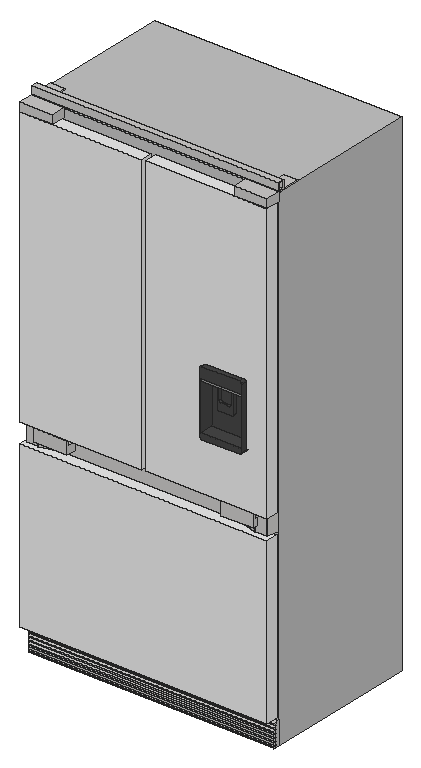
Revit family "FP_Revit_18_RS36A72U1_Fridge_90001166A", category Specialty Equipment, Revit 2018 (continued)
Definition of nested family "F&P Handle Kit - Contemporary Round - Horizontal"
  Automatic sketch dimensions
    Extrusion 7 sketch curve to level = 0 mm
    level to Extrusion 7 sketch curve = 8.7 mm
    plane 1 "Center (Front/Back)" to Extrusion 7 sketch curve = 32.3 mm
    Extrusion 7 sketch curve to Extrusion 7 sketch curve = 32.3 mm
    radius of Extrusion 1 sketch curve = 8.7 mm
Definition of nested family "F&P Handle Kit - Contemporary Round - Vertical"
  Parameters (values of type "25374 AHS-ASBI-A - Contemporary round handle (1 of 2) (Vertical) 727mm")
    URL = "www.fisherpaykel.com"
    Material - Handle = none
    Manufacturer = "Fisher & Paykel Appliances"
    Handle - Length = 727 mm
    Description = "Kit for RS36"
  Types (10, lengths in mm): name | Handle - Length | Description
    AHS-RD21 - Contemporary round handle (Vertical) 852mm | 852 | ""
    AHSRD2484W - Contemporary round handle (1 of 2) (Vertical) 727mm | 727 | ""
    AHSRD3084W - Contemporary round handle (1 of 2) (Vertical) 727mm | 727 | ""
    AHS-RD84 - Contemporary round handle (Vertical) 852mm | 852 | ""
    AHSRS3272A - Contemporary round handle (1 of 2) (Vertical) 727mm | 727 | ""
    AHSRS80A - Contemporary round handle (1 of 2) (Vertical) 727mm | 727 | ""
    AHSRD6121W - Contemporary round handle (1 of 2) (Vertical) 727mm | 727 | ""
    AHSRD7621W - Contemporary round handle (1 of 2) (Vertical) 727mm | 727 | ""
    25329 AHS-ASBI-A - Contemporary round handle (1 of 2) (Vertical) 727mm | 727 | "Kit for RS90"
    25374 AHS-ASBI-A - Contemporary round handle (1 of 2) (Vertical) 727mm | 727 | "Kit for RS36"
  Reference planes
    plane 1 "Center (Front/Back)": y = 0
    plane 2: z = 0
    plane 3 "Center (Left/Right)": x = 0
    plane 4 "Top": z = 363.5
    plane 5 "Bottom": z = -363.5
    plane 6 "Top Standoff": z = 243.5
    plane 7 "Bottom Standoff": z = -243.5
  Forms (mm)
    Extrusion 1, solid, material <- "Material - Handle"
      sketch origin (0, 0, 0) x (1, 0, 0) y (0, 1, 0)
        loop
          circle (0, -32.3) r 8.7
      from -243.5 to 243.5
    Extrusion 2, solid, material <- "Material - Handle", detail levels fine
      sketch origin (0, 0, 0) x (1, 0, 0) y (0, 1, 0)
        loop
          line (-8.7, 0) -> (-8.7, -32.3)
          arc (-8.7, -32.3) -> (0, -41) -> (8.7, -32.3) r 8.7
          line (8.7, -32.3) -> (8.7, 0) -> (-8.7, 0)
      from 243.5 to 363.5
    Extrusion 3, solid, material <- "Material - Handle", detail levels fine
      sketch origin (0, 0, 0) x (1, 0, 0) y (0, 1, 0)
        loop
          line (-8.7, 0) -> (-8.7, -32.3)
          arc (-8.7, -32.3) -> (0, -41) -> (8.7, -32.3) r 8.7
          line (8.7, -32.3) -> (8.7, 0) -> (-8.7, 0)
      from -363.5 to -243.5
    Sweep 4, void
      path in 3D
        loop
          line (8.7, 0, -363.5) -> (8.7, -32.3, -363.5)
          arc (8.7, -32.3, -363.5) -> (0, -41, -363.5) -> (-8.7, -32.3, -363.5) r 8.7
          line (-8.7, -32.3, -363.5) -> (-8.7, 0, -363.5)
      profile origin (8.7, -16.15, -363.5) x (-1, 0, 0) y (0, 0, -1)
        loop
          line (0, 0) -> (0, -1) -> (1, 0) -> (0, 0)
    Sweep 5, void
      path in 3D
        loop
          line (-8.7, 0, 363.5) -> (-8.7, -32.3, 363.5)
          arc (-8.7, -32.3, 363.5) -> (0, -41, 363.5) -> (8.7, -32.3, 363.5) r 8.7
          line (8.7, -32.3, 363.5) -> (8.7, 0, 363.5)
      profile origin (8.7, -16.15, 363.5) x (-1, 0, 0) y (0, 0, 1)
        loop
          line (0, 0) -> (0, -1) -> (1, 0) -> (0, 0)
    Extrusion 6, solid, material <- "Material - Handle", detail levels coarse+medium
      sketch origin (0, 0, 0) x (1, 0, 0) y (0, 1, 0)
        loop
          line (-8.7, 0) -> (-8.7, -32.3)
          arc (-8.7, -32.3) -> (0, -41) -> (8.7, -32.3) r 8.7
          line (8.7, -32.3) -> (8.7, 0) -> (-8.7, 0)
      from 243.5 to 363.5
    Extrusion 7, solid, material <- "Material - Handle", detail levels coarse+medium
      sketch origin (0, 0, 0) x (1, 0, 0) y (0, 1, 0)
        loop
          line (-8.7, 0) -> (-8.7, -32.3)
          arc (-8.7, -32.3) -> (0, -41) -> (8.7, -32.3) r 8.7
          line (8.7, -32.3) -> (8.7, 0) -> (-8.7, 0)
      from -363.5 to -243.5
  Cuts and joins
    Sweep 4 cuts Extrusion 3
    Sweep 5 cuts Extrusion 2
  Lines and regions (mm)
    sketch lines
      curve 1: line (8.7, 0, -363.5) -> (8.7, -32.3, -363.5)
      curve 2: arc (-8.7, -32.3, -363.5) -> (0, -41, -363.5) -> (8.7, -32.3, -363.5) r 8.7
      curve 3: line (-8.7, -32.3, -363.5) -> (-8.7, 0, -363.5)
      curve 4: line (8.7, -32.3, 363.5) -> (8.7, 0, 363.5)
      curve 5: arc (8.7, -32.3, 363.5) -> (0, -41, 363.5) -> (-8.7, -32.3, 363.5) r 8.7
      curve 6: line (-8.7, 0, 363.5) -> (-8.7, -32.3, 363.5)
  Dimensions and locks
    equal spacing: plane 4 "Top", level, plane 5 "Bottom"
    "Handle - Length": plane 4 "Top" to plane 5 "Bottom"
    locked: plane 4 "Top" to plane 6 "Top Standoff" at 120
    locked: plane 7 "Bottom Standoff" to plane 5 "Bottom" at 120
    Extrusion 2 sketch curve to Extrusion 2 sketch curve = 17.4 mm
    Extrusion 3 sketch curve to Extrusion 3 sketch curve = 17.4 mm
    Extrusion 6 sketch curve to Extrusion 6 sketch curve = 17.4 mm
    Extrusion 7 sketch curve to Extrusion 7 sketch curve = 17.4 mm
    aligned and locked: level to plane 2
    aligned and locked: plane 4 "Top" to Extrusion 2
    aligned and locked: Extrusion 3 to plane 5 "Bottom"
    aligned and locked: plane 7 "Bottom Standoff" to Extrusion 3
    aligned and locked: Extrusion 1 to plane 7 "Bottom Standoff"
    aligned and locked: plane 6 "Top Standoff" to Extrusion 1
    aligned and locked: Extrusion 2 to Extrusion 1
    aligned and locked: Extrusion 6 to Extrusion 1
    aligned and locked: plane 4 "Top" to Extrusion 6
    aligned and locked: Extrusion 7 to Extrusion 1
    aligned and locked: Extrusion 7 to plane 5 "Bottom"
  Automatic sketch dimensions
    Extrusion 1 sketch curve to plane 3 "Center (Left/Right)" = 0 mm
    plane 1 "Center (Front/Back)" to Extrusion 1 sketch curve = 32.3 mm
    plane 1 "Center (Front/Back)" to Extrusion 2 sketch curve = 0 mm
    Extrusion 2 sketch curve to plane 3 "Center (Left/Right)" = 0 mm
    Extrusion 2 sketch curve to plane 3 "Center (Left/Right)" = 8.7 mm
    plane 1 "Center (Front/Back)" to Extrusion 2 sketch curve = 32.3 mm
    plane 1 "Center (Front/Back)" to Extrusion 3 sketch curve = 0 mm
    Extrusion 3 sketch curve to plane 3 "Center (Left/Right)" = 0 mm
    Extrusion 3 sketch curve to plane 3 "Center (Left/Right)" = 8.7 mm
    plane 1 "Center (Front/Back)" to Extrusion 3 sketch curve = 32.3 mm
    Sweep 4 sketch curve to profile plane = 0 mm  (x2)
    Sweep 4 sketch curve to profile plane = 1 mm  (x2)
    Sweep 5 sketch curve to profile plane = 0 mm  (x2)
    Sweep 5 sketch curve to profile plane = 1 mm  (x2)
    Extrusion 6 sketch curve to plane 3 "Center (Left/Right)" = 0 mm
    Extrusion 6 sketch curve to plane 3 "Center (Left/Right)" = 8.7 mm
    plane 1 "Center (Front/Back)" to Extrusion 6 sketch curve = 32.3 mm
    Extrusion 6 sketch curve to Extrusion 6 sketch curve = 32.3 mm
    Extrusion 7 sketch curve to plane 3 "Center (Left/Right)" = 0 mm
    Extrusion 7 sketch curve to plane 3 "Center (Left/Right)" = 8.7 mm
    plane 1 "Center (Front/Back)" to Extrusion 7 sketch curve = 32.3 mm
    Extrusion 7 sketch curve to Extrusion 7 sketch curve = 32.3 mm
    radius of Extrusion 1 sketch curve = 8.7 mm
Definition of nested family "F&P Handle Kit - Contemporary Square Fine - Horizontal"
  Parameters (values of type "AHD5RD2484W - Contemporary square fine handle (2 of 2) (Horizontal) 494mm")
    URL = "www.fisherpaykel.com"
    Material - Handle = none
    Manufacturer = "Fisher & Paykel Appliances"
    Handle - Length = 494 mm
  Types (15, lengths in mm): name | Handle - Length
    (no name) | 494
    AHD5RD2484W - Contemporary square fine handle (2 of 2) (Horizontal) 494mm | 494
    AHD5RD2484WB - Contemporary square fine black handle (2 of 2) (Horizontal) 494mm | 494
    AHD5RD3084W - Contemporary square fine handle (2 of 2) (Horizontal) 646mm | 646
    AHD5RD3084WB - Contemporary square fine black handle (2 of 2) (Horizontal) 646mm | 646
    AHD5RD7621W - Contemporary square fine handle (2 of 2) (Horizontal) 646mm | 646
    AHD5RD7621WB - Contemporary square fine handle black (2 of 2) (Horizontal) 646mm | 646
    AHD5RD6121W - Contemporary square fine handle (2 of 2) (Horizontal) 494mm | 494
    AHD5RD6121WB - Contemporary square fine handle black (2 of 2) (Horizontal) 494mm | 494
    AHD5RD36A - Contemporary square fine handle (2 of 2) (Horizontal) 746mm | 746
    AHD5RD36AB - Contemporary square fine black handle (2 of 2) (Horizontal) 746mm | 746
    AHD5RD90A - Contemporary square fine handle (2 of 2) (Horizontal) 746mm | 746
    AHD5RD80A - Contemporary square fine handle (2 of 2) (Horizontal) 646mm | 646
    AHD5RD80AB - Contemporary square fine black handle (2 of 2) (Horizontal) 646mm | 646
    AHD5RD90AB - Contemporary square fine black handle (2 of 2) (Horizontal) 746mm | 746
  Reference planes
    plane 1 "Center (Front/Back)": y = 0
    plane 2: z = 0
    plane 3 "Center (Left/Right)": x = 0
    plane 4 "Product LHS": x = -247
    plane 5 "Product RHS": x = 247
    plane 6 "LHS Standoff": x = -126.995
    plane 7 "RHS Standoff": x = 127.005
  Forms (mm)
    Extrusion 1, solid, material <- "Material - Handle", detail levels fine
      sketch origin (0, 0, 0) x (0, 1, 0) y (0, 0, 1)
        loop
          arc (-26.813, 6.16) -> (-27.196, 6.554) -> (-27.728, 6.686) r 1
          line (-27.728, 6.686) -> (-40.035, 6.256)
          arc (-40.035, 6.256) -> (-40.719, 5.951) -> (-41, 5.257) r 1
          line (-41, 5.257) -> (-41, -5.257)
          arc (-41, -5.257) -> (-40.719, -5.951) -> (-40.035, -6.256) r 1
          line (-40.035, -6.256) -> (-27.709, -6.686)
          arc (-27.709, -6.686) -> (-27.175, -6.554) -> (-26.792, -6.158) r 1
          arc (-26.792, -6.158) -> (-25.256, 0.004) -> (-26.813, 6.16) r 13.038
      from -247 to 247
    Extrusion 2, solid, material <- "Material - Handle", detail levels fine
      sketch origin (0, 0, 0) x (0, 1, 0) y (0, 0, 1)
        loop
          arc (-26.626, -6.008) -> (-26.614, -6.49) -> (-26.2, -6.737) r 0.5
          line (-26.2, -6.737) -> (0, -7.696) -> (0, 7.704) -> (-26.174, 6.747)
          arc (-26.174, 6.747) -> (-26.587, 6.5) -> (-26.6, 6.019) r 0.5
          arc (-26.6, 6.019) -> (-25.156, 0.002) -> (-26.626, -6.008) r 13.136
      from 127.005 to 247
    Extrusion 3, solid, material <- "Material - Handle", detail levels coarse+medium
      sketch origin (0, 0, 0) x (1, 0, 0) y (0, 1, 0)
        loop
          line (-247, -42) -> (247, -42) -> (247, 0) -> (127.005, 0) -> (127.005, -26.156) -> (-126.995, -26.156) -> (-126.995, 0) -> (-247, 0) -> (-247, -42)
      from -8.022 to 7.978
    Extrusion 4, solid, material <- "Material - Handle", detail levels fine
      sketch origin (0, 0, 0) x (0, 1, 0) y (0, 0, 1)
        loop
          arc (-26.626, -6.008) -> (-26.614, -6.49) -> (-26.2, -6.737) r 0.5
          line (-26.2, -6.737) -> (0, -7.696) -> (0, 7.704) -> (-26.174, 6.747)
          arc (-26.174, 6.747) -> (-26.587, 6.5) -> (-26.6, 6.019) r 0.5
          arc (-26.6, 6.019) -> (-25.156, 0.002) -> (-26.626, -6.008) r 13.136
      from -247 to -126.995
  Dimensions and locks
    equal spacing: plane 4 "Product LHS", plane 3 "Center (Left/Right)", plane 5 "Product RHS"
    "Handle - Length": plane 4 "Product LHS" to plane 5 "Product RHS"
    locked: plane 4 "Product LHS" to plane 6 "LHS Standoff" at 120.005
    locked: plane 7 "RHS Standoff" to plane 5 "Product RHS" at 119.995
    aligned and locked: level to plane 2
    aligned and locked: Extrusion 1 to plane 5 "Product RHS"
    aligned and locked: plane 4 "Product LHS" to Extrusion 1
    aligned and locked: Extrusion 2 to plane 5 "Product RHS"
    aligned and locked: plane 4 "Product LHS" to Extrusion 3 sketch curve
    aligned and locked: Extrusion 3 sketch curve to plane 5 "Product RHS"
    aligned and locked: Extrusion 3 sketch curve to plane 7 "RHS Standoff"
    aligned and locked: plane 6 "LHS Standoff" to Extrusion 3 sketch curve
    aligned and locked: plane 4 "Product LHS" to Extrusion 4
    aligned and locked: plane 6 "LHS Standoff" to Extrusion 4
    aligned and locked: Extrusion 2 to plane 7 "RHS Standoff"
  Automatic sketch dimensions
    Extrusion 1 sketch curve to level = 5.257 mm
    plane 1 "Center (Front/Back)" to Extrusion 1 sketch curve = 41 mm
    level to Extrusion 1 sketch curve = 6.256 mm
    Extrusion 1 sketch curve to Extrusion 1 sketch curve = 0.965 mm  (x2)
    Extrusion 1 sketch curve to level = 6.256 mm
    Extrusion 1 sketch curve to Extrusion 1 sketch curve = 0.035 mm  (x3)
    Extrusion 1 sketch curve to level = 0.018 mm
    Extrusion 1 sketch curve to Extrusion 1 sketch curve = 1.706 mm
    level to Extrusion 1 sketch curve = 6.686 mm
    Extrusion 1 sketch curve to Extrusion 1 sketch curve = 12.307 mm
    Extrusion 1 sketch curve to level = 6.686 mm
    Extrusion 1 sketch curve to Extrusion 1 sketch curve = 12.326 mm
    Extrusion 1 sketch curve to Extrusion 1 sketch curve = 0.999 mm  (x2)
    Extrusion 1 sketch curve to Extrusion 1 sketch curve = 0 mm
    Extrusion 2 sketch curve to plane 1 "Center (Front/Back)" = 0 mm
    level to Extrusion 2 sketch curve = 6.247 mm
    plane 1 "Center (Front/Back)" to Extrusion 2 sketch curve = 26.155 mm
    level to Extrusion 2 sketch curve = 6.747 mm
    Extrusion 2 sketch curve to Extrusion 2 sketch curve = 0.018 mm  (x2)
    Extrusion 2 sketch curve to level = 6.238 mm
    Extrusion 2 sketch curve to Extrusion 2 sketch curve = 0.026 mm
    Extrusion 2 sketch curve to level = 6.737 mm
    level to Extrusion 2 sketch curve = 0.03 mm
    Extrusion 2 sketch curve to Extrusion 2 sketch curve = 12.11 mm
    Extrusion 2 sketch curve to level = 7.696 mm
    level to Extrusion 2 sketch curve = 7.704 mm
    Extrusion 2 sketch curve to Extrusion 2 sketch curve = 0 mm
    plane 1 "Center (Front/Back)" to Extrusion 3 sketch curve = 42 mm
    Extrusion 3 sketch curve to Extrusion 3 sketch curve = 15.844 mm
    Extrusion 3 sketch curve to Extrusion 3 sketch curve = 26.156 mm  (x2)
    level to Extrusion 4 sketch curve = 0.03 mm
    plane 1 "Center (Front/Back)" to Extrusion 4 sketch curve = 38.291 mm
    Extrusion 4 sketch curve to level = 6.737 mm
    Extrusion 4 sketch curve to Extrusion 4 sketch curve = 12.091 mm
    Extrusion 4 sketch curve to Extrusion 4 sketch curve = 0.018 mm  (x2)
    level to Extrusion 4 sketch curve = 6.747 mm
    Extrusion 4 sketch curve to Extrusion 4 sketch curve = 0.008 mm
    level to Extrusion 4 sketch curve = 7.704 mm
    Extrusion 4 sketch curve to Extrusion 4 sketch curve = 26.174 mm
    Extrusion 4 sketch curve to level = 7.696 mm
    Extrusion 4 sketch curve to Extrusion 4 sketch curve = 0.5 mm  (x2)
    Extrusion 4 sketch curve to Extrusion 4 sketch curve = 0 mm
Definition of nested family "F&P Handle Kit - Contemporary Square Fine - Vertical"
  Parameters (values of type "AHD5RD90AB - Contemporary square fine black handle (1 of 2) (Vertical) 727mm")
    URL = "www.fisherpaykel.com"
    Material - Handle = none
    Manufacturer = "Fisher & Paykel Appliances"
    Handle - Length = 727 mm
  Types (14): name
    AHD5RD2484W - Contemporary square fine handle (1 of 2) (Vertical) 727mm
    AHD5RD2484WB - Contemporary square fine black handle (1 of 2) (Vertical) 727mm
    AHD5RD3084W - Contemporary square fine handle (1 of 2) (Vertical) 727mm
    AHD5RD3084WB - Contemporary square fine black handle (1 of 2) (Vertical) 727mm
    AHD5RD6121W - Contemporary square fine handle (1 of 2) (Vertical) 727mm
    AHD5RD6121WB - Contemporary square fine black handle (1 of 2) (Vertical) 727mm
    AHD5RD7621W - Contemporary square fine handle (1 of 2) (Vertical) 727mm
    AHD5RD7621WB - Contemporary square fine black handle (1 of 2) (Vertical) 727mm
    AHD5RD36A - Contemporary square fine handle (1 of 2) (Vertical) 727mm
    AHD5RD36AB - Contemporary square fine black handle (1 of 2) (Vertical) 727mm
    AHD5RD80A - Contemporary square fine handle (1 of 2) (Vertical) 727mm
    AHD5RD90A - Contemporary square fine handle (1 of 2) (Vertical) 727mm
    AHD5RD80AB - Contemporary square fine black handle (1 of 2) (Vertical) 727mm
    AHD5RD90AB - Contemporary square fine black handle (1 of 2) (Vertical) 727mm
  Reference planes
    plane 1 "Center (Front/Back)": y = 0
    plane 2: z = 0
    plane 3 "Center (Left/Right)": x = 0
    plane 4 "Top": z = 363.5
    plane 5 "Bottom": z = -363.5
    plane 6 "Top Standoff": z = 243.5
    plane 7 "Bottom Standoff": z = -243.5
  Forms (mm)
    Extrusion 1, solid, material <- "Material - Handle", detail levels fine
      sketch origin (0, 0, 0) x (1, 0, 0) y (0, 1, 0)
        loop
          arc (-6.16, -26.813) -> (-6.554, -27.196) -> (-6.686, -27.728) r 1
          line (-6.686, -27.728) -> (-6.256, -40.035)
          arc (-6.256, -40.035) -> (-5.951, -40.719) -> (-5.257, -41) r 1
          line (-5.257, -41) -> (5.257, -41)
          arc (5.257, -41) -> (5.951, -40.719) -> (6.256, -40.035) r 1
          line (6.256, -40.035) -> (6.686, -27.709)
          arc (6.686, -27.709) -> (6.554, -27.175) -> (6.158, -26.792) r 1
          arc (6.158, -26.792) -> (-0.004, -25.256) -> (-6.16, -26.813) r 13.038
      from -363.5 to 363.5
    Extrusion 2, solid, material <- "Material - Handle", detail levels fine
      sketch origin (0, 0, 0) x (1, 0, 0) y (0, 1, 0)
        loop
          arc (6.012, -26.626) -> (6.494, -26.614) -> (6.741, -26.2) r 0.5
          line (6.741, -26.2) -> (7.7, 0) -> (-7.7, 0) -> (-6.742, -26.174)
          arc (-6.742, -26.174) -> (-6.496, -26.587) -> (-6.015, -26.6) r 0.5
          arc (-6.015, -26.6) -> (0.002, -25.156) -> (6.012, -26.626) r 13.136
      from 243.5 to 363.5
    Extrusion 3, solid, material <- "Material - Handle", detail levels coarse+medium
      sketch origin (0, 0, 0) x (0, 1, 0) y (0, 0, 1)
        loop
          line (0, 363.5) -> (-42, 363.5) -> (-42, -363.5) -> (0, -363.5) -> (0, -243.5) -> (-26.245, -243.5) -> (-26.245, 243.5) -> (0, 243.5) -> (0, 363.5)
      from -8 to 8
    Extrusion 4, solid, material <- "Material - Handle", detail levels fine
      sketch origin (0, 0, 0) x (1, 0, 0) y (0, 1, 0)
        loop
          arc (6.012, -26.626) -> (6.494, -26.614) -> (6.741, -26.2) r 0.5
          line (6.741, -26.2) -> (7.7, 0) -> (-7.7, 0) -> (-6.742, -26.174)
          arc (-6.742, -26.174) -> (-6.496, -26.587) -> (-6.015, -26.6) r 0.5
          arc (-6.015, -26.6) -> (0.002, -25.156) -> (6.012, -26.626) r 13.136
      from -363.5 to -243.5
  Dimensions and locks
    equal spacing: plane 4 "Top", level, plane 5 "Bottom"
    "Handle - Length": plane 4 "Top" to plane 5 "Bottom"
    locked: plane 4 "Top" to plane 6 "Top Standoff" at 120
    locked: plane 7 "Bottom Standoff" to plane 5 "Bottom" at 120
    aligned and locked: level to plane 2
    aligned and locked: plane 4 "Top" to Extrusion 2
    aligned and locked: Extrusion 2 to plane 6 "Top Standoff"
    aligned and locked: plane 4 "Top" to Extrusion 1
    aligned and locked: Extrusion 1 to plane 5 "Bottom"
    aligned and locked: plane 4 "Top" to Extrusion 3 sketch curve
    aligned and locked: plane 6 "Top Standoff" to Extrusion 3 sketch curve
    aligned and locked: plane 7 "Bottom Standoff" to Extrusion 3 sketch curve
    aligned and locked: plane 5 "Bottom" to Extrusion 3 sketch curve
    aligned and locked: Extrusion 4 to plane 5 "Bottom"
    aligned and locked: plane 7 "Bottom Standoff" to Extrusion 4
  Automatic sketch dimensions
    Extrusion 1 sketch curve to plane 3 "Center (Left/Right)" = 6.686 mm
    Extrusion 1 sketch curve to plane 3 "Center (Left/Right)" = 6.256 mm
    Extrusion 1 sketch curve to Extrusion 1 sketch curve = 0.999 mm  (x4)
    plane 3 "Center (Left/Right)" to Extrusion 1 sketch curve = 0.018 mm
    plane 3 "Center (Left/Right)" to Extrusion 1 sketch curve = 5.257 mm
    plane 3 "Center (Left/Right)" to Extrusion 1 sketch curve = 5.687 mm
    plane 1 "Center (Front/Back)" to Extrusion 1 sketch curve = 41 mm
    Extrusion 1 sketch curve to Extrusion 1 sketch curve = 0.965 mm  (x2)
    Extrusion 1 sketch curve to Extrusion 1 sketch curve = 1.706 mm
    Extrusion 1 sketch curve to Extrusion 1 sketch curve = 12.307 mm
    Extrusion 1 sketch curve to Extrusion 1 sketch curve = 12.326 mm
    Extrusion 1 sketch curve to Extrusion 1 sketch curve = 0.035 mm  (x2)
    Extrusion 1 sketch curve to Extrusion 1 sketch curve = 0 mm
    plane 1 "Center (Front/Back)" to Extrusion 2 sketch curve = 0 mm
    Extrusion 2 sketch curve to plane 3 "Center (Left/Right)" = 7.7 mm
    Extrusion 2 sketch curve to plane 3 "Center (Left/Right)" = 6.742 mm
    Extrusion 2 sketch curve to Extrusion 2 sketch curve = 0.5 mm  (x2)
    Extrusion 2 sketch curve to plane 3 "Center (Left/Right)" = 0.026 mm
    plane 3 "Center (Left/Right)" to Extrusion 2 sketch curve = 6.242 mm
    plane 3 "Center (Left/Right)" to Extrusion 2 sketch curve = 7.7 mm
    plane 1 "Center (Front/Back)" to Extrusion 2 sketch curve = 26.155 mm
    Extrusion 2 sketch curve to Extrusion 2 sketch curve = 0.018 mm  (x2)
    Extrusion 2 sketch curve to Extrusion 2 sketch curve = 0.026 mm
    Extrusion 2 sketch curve to Extrusion 2 sketch curve = 12.11 mm
    Extrusion 2 sketch curve to Extrusion 2 sketch curve = 0 mm
    plane 1 "Center (Front/Back)" to Extrusion 3 sketch curve = 42 mm
    Extrusion 3 sketch curve to Extrusion 3 sketch curve = 15.755 mm
    Extrusion 3 sketch curve to Extrusion 3 sketch curve = 42 mm  (x2)
    Extrusion 4 sketch curve to plane 3 "Center (Left/Right)" = 7.7 mm
    Extrusion 4 sketch curve to plane 3 "Center (Left/Right)" = 6.742 mm
    Extrusion 4 sketch curve to Extrusion 4 sketch curve = 0.5 mm  (x2)
    Extrusion 4 sketch curve to plane 3 "Center (Left/Right)" = 0.026 mm
    plane 3 "Center (Left/Right)" to Extrusion 4 sketch curve = 6.242 mm
    plane 3 "Center (Left/Right)" to Extrusion 4 sketch curve = 7.7 mm
    plane 1 "Center (Front/Back)" to Extrusion 4 sketch curve = 38.291 mm
    Extrusion 4 sketch curve to Extrusion 4 sketch curve = 12.091 mm
    Extrusion 4 sketch curve to Extrusion 4 sketch curve = 0.018 mm  (x2)
    Extrusion 4 sketch curve to Extrusion 4 sketch curve = 0.452 mm
    Extrusion 4 sketch curve to Extrusion 4 sketch curve = 26.174 mm
    Extrusion 4 sketch curve to Extrusion 4 sketch curve = 0 mm
Definition of nested family "F&P Handle Kit - Professional Round - Horizontal"
  Parameters (values of type "AHCRS3272A - Professional round handle (2 of 2) (Horizontal) 646mm")
    URL = "www.fisherpaykel.com"
    Material - Standoff = none
    Material - Handle = none
    Manufacturer = "Fisher & Paykel Appliances"
    Handle - Length = 646 mm
  Types (5, lengths in mm): name | Handle - Length
    AHCRD2484W - Professional round handle (2 of 2) (Horizontal) 428mm | 428
    AHCRD3084W - Professional round handle (2 of 2) (Horizontal) 580mm | 646
    AHCRS3272A - Professional round handle (2 of 2) (Horizontal) 646mm | 646
    AHCRS36A - Professional round handle (2 of 2) (Horizontal) 746mm | 746
    AHCRS3272A - Professional round handle (2 of 2) (Horizontal) 580mm | 646
  Reference planes
    plane 1 "Center (Front/Back)": y = 0
    plane 2: z = 0
    plane 3 "Center (Left/Right)": x = 0
    plane 4 "Product LHS": x = -323
    plane 5 "Product RHS": x = 323
    plane 6 "LHS Standoff": x = -279
    plane 7 "RHS Standoff": x = 279
  Forms (mm)
    Extrusion 1, solid, material <- "Material - Standoff", detail levels fine
      sketch origin (0, 0, 0) x (0, 1, 0) y (0, 0, 1)
        loop
          line (0, 18.5) -> (-41.7, 18.5)
          arc (-41.7, 18.5) -> (-60.2, 0) -> (-41.7, -18.5) r 18.5
          line (-41.7, -18.5) -> (0, -18.5) -> (0, 18.5)
      from 279 to 323
    Extrusion 2, solid, material <- "Material - Standoff", detail levels fine
      sketch origin (0, 0, 0) x (0, 1, 0) y (0, 0, 1)
        loop
          line (0, 18.5) -> (-41.7, 18.5)
          arc (-41.7, 18.5) -> (-60.2, 0) -> (-41.7, -18.5) r 18.5
          line (-41.7, -18.5) -> (0, -18.5) -> (0, 18.5)
      from -323 to -279
    Sweep 3, void
      path in 3D
        loop
          line (323, 0, 18.5) -> (323, -41.7, 18.5)
          arc (323, -41.7, 18.5) -> (323, -60.2, 0) -> (323, -41.7, -18.5) r 18.5
          line (323, -41.7, -18.5) -> (323, 0, -18.5)
      profile origin (323, -20.85, 18.5) x (1, 0, 0) y (0, 0, 1)
        loop
          line (0, 0) -> (-3, 0) -> (0, -3) -> (0, 0)
    Sweep 4, void
      path in 3D
        loop
          line (-323, 0, -18.5) -> (-323, -41.7, -18.5)
          arc (-323, -41.7, -18.5) -> (-323, -60.2, 0) -> (-323, -41.7, 18.5) r 18.5
          line (-323, -41.7, 18.5) -> (-323, 0, 18.5)
      profile origin (-323, -20.85, 18.5) x (-1, 0, 0) y (0, 0, 1)
        loop
          line (0, 0) -> (-3, 0) -> (0, -3) -> (0, 0)
    Extrusion 5, solid, material <- "Material - Handle"
      sketch origin (0, -2.3, 0) x (0, 1, 0) y (0, 0, 1)
        loop
          circle (-39.4, 0) r 12.7
      from -279 to 279
    Extrusion 6, solid, material <- "Material - Standoff", detail levels coarse+medium
      sketch origin (0, 0, 0) x (0, 1, 0) y (0, 0, 1)
        loop
          line (0, 18.5) -> (-41.7, 18.5)
          arc (-41.7, 18.5) -> (-60.2, 0) -> (-41.7, -18.5) r 18.5
          line (-41.7, -18.5) -> (0, -18.5) -> (0, 18.5)
      from 323 to 279
    Extrusion 7, solid, material <- "Material - Standoff", detail levels coarse+medium
      sketch origin (0, 0, 0) x (0, 1, 0) y (0, 0, 1)
        loop
          line (0, 18.5) -> (-41.7, 18.5)
          arc (-41.7, 18.5) -> (-60.2, 0) -> (-41.7, -18.5) r 18.5
          line (-41.7, -18.5) -> (0, -18.5) -> (0, 18.5)
      from -279 to -323
  Cuts and joins
    Sweep 3 cuts Extrusion 1
    Sweep 4 cuts Extrusion 2
  Lines and regions (mm)
    sketch lines
      curve 1: line (323, 0, 18.5) -> (323, -41.7, 18.5)
      curve 2: arc (323, -41.7, -18.5) -> (323, -60.2, 0) -> (323, -41.7, 18.5) r 18.5
      curve 3: line (323, -41.7, -18.5) -> (323, 0, -18.5)
      curve 4: line (-323, -41.7, 18.5) -> (-323, 0, 18.5)
      curve 5: arc (-323, -41.7, 18.5) -> (-323, -60.2, 0) -> (-323, -41.7, -18.5) r 18.5
      curve 6: line (-323, 0, -18.5) -> (-323, -41.7, -18.5)
  Dimensions and locks
    equal spacing: plane 4 "Product LHS", plane 3 "Center (Left/Right)", plane 5 "Product RHS"
    "Handle - Length": plane 4 "Product LHS" to plane 5 "Product RHS"
    plane 4 "Product LHS" to plane 6 "LHS Standoff" = 44 mm
    plane 7 "RHS Standoff" to plane 5 "Product RHS" = 44 mm
    aligned and locked: level to plane 2
    aligned and locked: Extrusion 1 to plane 7 "RHS Standoff"
    aligned and locked: Extrusion 1 to plane 5 "Product RHS"
    aligned and locked: plane 4 "Product LHS" to Extrusion 2
    aligned and locked: plane 6 "LHS Standoff" to Extrusion 2
    aligned and locked: Extrusion 5 to plane 6 "LHS Standoff"
    aligned and locked: plane 7 "RHS Standoff" to Extrusion 5
    aligned and locked: plane 5 "Product RHS" to Extrusion 6
    aligned and locked: plane 7 "RHS Standoff" to Extrusion 6
    aligned and locked: Extrusion 7 to plane 4 "Product LHS"
    aligned and locked: Extrusion 7 to plane 6 "LHS Standoff"
  Automatic sketch dimensions
    Extrusion 1 sketch curve to level = 0 mm
    Extrusion 1 sketch curve to plane 1 "Center (Front/Back)" = 0 mm
    Extrusion 1 sketch curve to level = 18.5 mm
    plane 1 "Center (Front/Back)" to Extrusion 1 sketch curve = 41.7 mm
    Extrusion 2 sketch curve to level = 0 mm
    Extrusion 2 sketch curve to plane 1 "Center (Front/Back)" = 0 mm
    Extrusion 2 sketch curve to level = 18.5 mm
    plane 1 "Center (Front/Back)" to Extrusion 2 sketch curve = 41.7 mm
    Sweep 3 sketch curve to profile plane = 0 mm
    profile plane to Sweep 3 sketch curve = 0 mm
    profile plane to Sweep 3 sketch curve = 3 mm
    Sweep 3 sketch curve to profile plane = 3 mm
    Sweep 4 sketch curve to profile plane = 0 mm  (x2)
    profile plane to Sweep 4 sketch curve = 3 mm
    Sweep 4 sketch curve to profile plane = 3 mm
    Extrusion 5 sketch curve to level = 0 mm
    plane 1 "Center (Front/Back)" to Extrusion 5 sketch curve = 41.7 mm
    Extrusion 6 sketch curve to level = 0 mm
    level to Extrusion 6 sketch curve = 18.5 mm
    plane 1 "Center (Front/Back)" to Extrusion 6 sketch curve = 41.7 mm
    Extrusion 6 sketch curve to Extrusion 6 sketch curve = 41.7 mm
    Extrusion 7 sketch curve to level = 0 mm
    level to Extrusion 7 sketch curve = 18.5 mm
    plane 1 "Center (Front/Back)" to Extrusion 7 sketch curve = 41.7 mm
    Extrusion 7 sketch curve to Extrusion 7 sketch curve = 41.7 mm
    radius of Extrusion 5 sketch curve = 12.7 mm
Definition of nested family "F&P Handle Kit - Professional Round - Vertical"
  Parameters (values of type "AHCRS36A - Professional round handle (1 of 2) (Vertical) 661mm")
    URL = "www.fisherpaykel.com"
    Material - Standoff = none
    Material - Handle = none
    Manufacturer = "Fisher & Paykel Appliances"
    Handle - Length = 661 mm
  Types (5, lengths in mm): name | Handle - Length
    AHCRD2484W - Professional round handle (1 of 2) (Vertical) 661mm | 661
    AHCRD3084W - Professional round handle (1 of 2) (Vertical) 661mm | 661
    AHC-RD84 - Professional round handle (Vertical) 786mm | 786
    AHCRS3272A - Professional round handle (1 of 2) (Vertical) 661mm | 661
    AHCRS36A - Professional round handle (1 of 2) (Vertical) 661mm | 661
  Reference planes
    plane 1 "Center (Front/Back)": y = 0
    plane 2: z = 0
    plane 3 "Center (Left/Right)": x = 0
    plane 4 "Top": z = 330.5
    plane 5 "Bottom": z = -330.5
    plane 6 "Top Standoff": z = 286.5
    plane 7 "Bottom Standoff": z = -286.5
  Forms (mm)
    Extrusion 1, solid, material <- "Material - Standoff", detail levels fine
      sketch origin (0, 0, 0) x (1, 0, 0) y (0, 1, 0)
        loop
          line (-18.5, 0) -> (-18.5, -41.7)
          arc (-18.5, -41.7) -> (0, -60.2) -> (18.5, -41.7) r 18.5
          line (18.5, -41.7) -> (18.5, 0) -> (-18.5, 0)
      from 286.5 to 330.5
    Extrusion 2, solid, material <- "Material - Standoff", detail levels fine
      sketch origin (0, 0, 0) x (1, 0, 0) y (0, 1, 0)
        loop
          line (-18.5, 0) -> (-18.5, -41.7)
          arc (-18.5, -41.7) -> (0, -60.2) -> (18.5, -41.7) r 18.5
          line (18.5, -41.7) -> (18.5, 0) -> (-18.5, 0)
      from -330.5 to -286.5
    Extrusion 3, solid, material <- "Material - Handle"
      sketch origin (0, 0, 0) x (1, 0, 0) y (0, 1, 0)
        loop
          circle (0, -41.7) r 12.7
      from -286.5 to 286.5
    Sweep 4, void
      path in 3D
        loop
          line (-18.5, 0, 330.5) -> (-18.5, -41.7, 330.5)
          arc (-18.5, -41.7, 330.5) -> (0, -60.2, 330.5) -> (18.5, -41.7, 330.5) r 18.5
          line (18.5, -41.7, 330.5) -> (18.5, 0, 330.5)
      profile origin (18.5, -20.85, 330.5) x (-1, 0, 0) y (0, 0, 1)
        loop
          line (0, 0) -> (0, -3) -> (3, 0) -> (0, 0)
    Sweep 5, void
      path in 3D
        loop
          line (18.5, 0, -330.5) -> (18.5, -41.7, -330.5)
          arc (18.5, -41.7, -330.5) -> (0, -60.2, -330.5) -> (-18.5, -41.7, -330.5) r 18.5
          line (-18.5, -41.7, -330.5) -> (-18.5, 0, -330.5)
      profile origin (18.5, -20.85, -330.5) x (-1, 0, 0) y (0, 0, -1)
        loop
          line (0, 0) -> (0, -3) -> (3, 0) -> (0, 0)
    Extrusion 6, solid, material <- "Material - Standoff", detail levels coarse+medium
      sketch origin (0, 0, 0) x (1, 0, 0) y (0, 1, 0)
        loop
          line (-18.5, 0) -> (-18.5, -41.7)
          arc (-18.5, -41.7) -> (0, -60.2) -> (18.5, -41.7) r 18.5
          line (18.5, -41.7) -> (18.5, 0) -> (-18.5, 0)
      from 286.5 to 330.5
    Extrusion 7, solid, material <- "Material - Standoff", detail levels coarse+medium
      sketch origin (0, 0, 0) x (1, 0, 0) y (0, 1, 0)
        loop
          line (-18.5, 0) -> (-18.5, -41.7)
          arc (-18.5, -41.7) -> (0, -60.2) -> (18.5, -41.7) r 18.5
          line (18.5, -41.7) -> (18.5, 0) -> (-18.5, 0)
      from -330.5 to -286.5
  Cuts and joins
    Sweep 4 cuts Extrusion 1
    Sweep 5 cuts Extrusion 2
  Lines and regions (mm)
    sketch lines
      curve 1: line (18.5, -41.7, 330.5) -> (18.5, 0, 330.5)
      curve 2: arc (18.5, -41.7, 330.5) -> (0, -60.2, 330.5) -> (-18.5, -41.7, 330.5) r 18.5
      curve 3: line (-18.5, 0, 330.5) -> (-18.5, -41.7, 330.5)
      curve 4: line (18.5, 0, -330.5) -> (18.5, -41.7, -330.5)
      curve 5: arc (-18.5, -41.7, -330.5) -> (0, -60.2, -330.5) -> (18.5, -41.7, -330.5) r 18.5
      curve 6: line (-18.5, -41.7, -330.5) -> (-18.5, 0, -330.5)
  Dimensions and locks
    equal spacing: plane 4 "Top", level, plane 5 "Bottom"
    "Handle - Length": plane 4 "Top" to plane 5 "Bottom"
    plane 4 "Top" to plane 6 "Top Standoff" = 44 mm
    plane 7 "Bottom Standoff" to plane 5 "Bottom" = 44 mm
    aligned and locked: level to plane 2
    aligned and locked: plane 4 "Top" to Extrusion 1
    aligned and locked: Extrusion 1 to plane 6 "Top Standoff"
    aligned and locked: Extrusion 2 to plane 5 "Bottom"
    aligned and locked: plane 7 "Bottom Standoff" to Extrusion 2
    aligned and locked: plane 6 "Top Standoff" to Extrusion 3
    aligned and locked: Extrusion 3 to plane 7 "Bottom Standoff"
    aligned and locked: plane 4 "Top" to Extrusion 6
    aligned and locked: Extrusion 7 to plane 5 "Bottom"
    aligned and locked: plane 7 "Bottom Standoff" to Extrusion 7
    aligned and locked: Extrusion 6 to plane 6 "Top Standoff"
  Automatic sketch dimensions
    plane 1 "Center (Front/Back)" to Extrusion 1 sketch curve = 0 mm
    Extrusion 1 sketch curve to plane 3 "Center (Left/Right)" = 0 mm
    Extrusion 1 sketch curve to plane 3 "Center (Left/Right)" = 18.5 mm
    plane 1 "Center (Front/Back)" to Extrusion 1 sketch curve = 41.7 mm
    plane 1 "Center (Front/Back)" to Extrusion 2 sketch curve = 0 mm
    Extrusion 2 sketch curve to plane 3 "Center (Left/Right)" = 0 mm
    Extrusion 2 sketch curve to plane 3 "Center (Left/Right)" = 18.5 mm
    plane 1 "Center (Front/Back)" to Extrusion 2 sketch curve = 41.7 mm
    Extrusion 3 sketch curve to plane 3 "Center (Left/Right)" = 0 mm
    plane 1 "Center (Front/Back)" to Extrusion 3 sketch curve = 41.7 mm
    Sweep 4 sketch curve to profile plane = 0 mm  (x2)
    Sweep 4 sketch curve to profile plane = 3 mm  (x2)
    Sweep 5 sketch curve to profile plane = 0 mm  (x2)
    Sweep 5 sketch curve to profile plane = 3 mm  (x2)
    Extrusion 6 sketch curve to plane 3 "Center (Left/Right)" = 0 mm
    Extrusion 6 sketch curve to plane 3 "Center (Left/Right)" = 18.5 mm
    plane 1 "Center (Front/Back)" to Extrusion 6 sketch curve = 41.7 mm
    Extrusion 6 sketch curve to Extrusion 6 sketch curve = 41.7 mm
    Extrusion 7 sketch curve to plane 3 "Center (Left/Right)" = 0 mm
    Extrusion 7 sketch curve to plane 3 "Center (Left/Right)" = 18.5 mm
    plane 1 "Center (Front/Back)" to Extrusion 7 sketch curve = 41.7 mm
    Extrusion 7 sketch curve to Extrusion 7 sketch curve = 41.7 mm
    radius of Extrusion 3 sketch curve = 12.7 mm
Definition of nested family "F&P Handle Kit - Professional Square - Horizontal"
  Parameters (values of type "AHV2RS36A - Professional square handle (2 of 2) (Horizontal) 686mm")
    URL = "www.fisherpaykel.com"
    Material - Handle = none
    Manufacturer = "Fisher & Paykel Appliances"
    Handle - Length = 686 mm
  Types (5, lengths in mm): name | Handle - Length
    (no name) | 686
    AHV2RD2484W - Professional square handle (2 of 2) (Horizontal) 434mm | 434
    AHV2RD3084W - Professional square handle (2 of 2) (Horizontal) 586mm | 586
    AHV2RS3272A - Professional square handle (2 of 2) (Horizontal) 586mm | 586
    AHV2RS36A - Professional square handle (2 of 2) (Horizontal) 686mm | 686
  Reference planes
    plane 1 "Center (Front/Back)": y = 0
    plane 2: z = 0
    plane 3 "Center (Left/Right)": x = 0
    plane 4 "Product LHS": x = -343
    plane 5 "Product RHS": x = 343
    plane 6 "LHS Standoff": x = -293
    plane 7 "RHS Standoff": x = 293
  Forms (mm)
    Extrusion 1, solid, material <- "Material - Handle", detail levels fine
      sketch origin (0, 0, 0) x (1, 0, 0) y (0, 1, 0)
        loop
          line (-343, 0) -> (-343, -40)
          arc (-343, -40) -> (-340.071, -47.071) -> (-333, -50) r 10
          line (-333, -50) -> (-293, -50) -> (-293, 0) -> (-343, 0)
        loop
          line (343, 0) -> (293, 0) -> (293, -50) -> (333, -50)
          arc (333, -50) -> (340.071, -47.071) -> (343, -40) r 10
          line (343, -40) -> (343, 0)
      from -17.5 to 17.5
    Extrusion 2, solid, material <- "Material - Handle", detail levels fine
      sketch origin (0, 0, 0) x (0, 1, 0) y (0, 0, 1)
        loop
          line (-36.787, 15.5) -> (-46.472, 15.5) -> (-47.8, 14.172) -> (-47.8, -14.172) -> (-46.472, -15.5) -> (-36.787, -15.5)
          arc (-36.787, -15.5) -> (-32.3, 0) -> (-36.787, 15.5) r 29.013
      from -293 to 293
    Sweep 3, void
      path in 3D
        loop
          line (293, -50, 17.5) -> (333, -50, 17.5)
          arc (333, -50, 17.5) -> (340.071, -47.071, 17.5) -> (343, -40, 17.5) r 10
          line (343, -40, 17.5) -> (343, 0, 17.5)
      profile origin (343, -20, 17.5) x (-1, 0, 0) y (0, 0, 1)
        loop
          line (0, 0) -> (0, -2.5) -> (2.5, 0) -> (0, 0)
    Sweep 4, void
      path in 3D
        loop
          line (343, 0, -17.5) -> (343, -40, -17.5)
          arc (343, -40, -17.5) -> (340.071, -47.071, -17.5) -> (333, -50, -17.5) r 10
          line (333, -50, -17.5) -> (293, -50, -17.5)
      profile origin (343, -20, -17.5) x (-1, 0, 0) y (0, 0, -1)
        loop
          line (0, 0) -> (0, -2.5) -> (2.5, 0) -> (0, 0)
    Sweep 5, void
      path in 3D
        loop
          line (-343, 0, 17.5) -> (-343, -40, 17.5)
          arc (-343, -40, 17.5) -> (-340.071, -47.071, 17.5) -> (-333, -50, 17.5) r 10
          line (-333, -50, 17.5) -> (-293, -50, 17.5)
      profile origin (-343, -20, 17.5) x (1, 0, 0) y (0, 0, 1)
        loop
          line (0, 0) -> (0, -2.5) -> (2.5, 0) -> (0, 0)
    Sweep 6, void
      path in 3D
        loop
          line (-293, -50, -17.5) -> (-333, -50, -17.5)
          arc (-333, -50, -17.5) -> (-340.071, -47.071, -17.5) -> (-343, -40, -17.5) r 10
          line (-343, -40, -17.5) -> (-343, 0, -17.5)
      profile origin (-343, -20, -17.5) x (1, 0, 0) y (0, 0, -1)
        loop
          line (0, 0) -> (0, -2.5) -> (2.5, 0) -> (0, 0)
    Extrusion 7, solid, material <- "Material - Handle", detail levels coarse+medium
      sketch origin (0, 0, 0) x (1, 0, 0) y (0, 1, 0)
        loop
          line (-293, 0) -> (-343, 0) -> (-343, -40)
          arc (-343, -40) -> (-340.071, -47.071) -> (-333, -50) r 10
          line (-333, -50) -> (333, -50)
          arc (333, -50) -> (340.071, -47.071) -> (343, -40) r 10
          line (343, -40) -> (343, 0) -> (293, 0) -> (293, -32) -> (-293, -32) -> (-293, 0)
      from -17.5 to 17.5
  Cuts and joins
    Sweep 3, Sweep 4, Sweep 5, Sweep 6 cuts Extrusion 1
  Lines and regions (mm)
    sketch lines
      curve 1: line (343, -40, 17.5) -> (343, 0, 17.5)
      curve 2: arc (343, -40, 17.5) -> (340.071, -47.071, 17.5) -> (333, -50, 17.5) r 10
      curve 3: line (293, -50, 17.5) -> (333, -50, 17.5)
      curve 4: line (343, 0, -17.5) -> (343, -40, -17.5)
      curve 5: arc (333, -50, -17.5) -> (340.071, -47.071, -17.5) -> (343, -40, -17.5) r 10
      curve 6: line (333, -50, -17.5) -> (293, -50, -17.5)
      curve 7: line (-343, 0, 17.5) -> (-343, -40, 17.5)
      curve 8: arc (-333, -50, 17.5) -> (-340.071, -47.071, 17.5) -> (-343, -40, 17.5) r 10
      curve 9: line (-333, -50, 17.5) -> (-293, -50, 17.5)
      curve 10: line (-343, -40, -17.5) -> (-343, 0, -17.5)
      curve 11: arc (-343, -40, -17.5) -> (-340.071, -47.071, -17.5) -> (-333, -50, -17.5) r 10
      curve 12: line (-293, -50, -17.5) -> (-333, -50, -17.5)
  Dimensions and locks
    equal spacing: plane 4 "Product LHS", plane 3 "Center (Left/Right)", plane 5 "Product RHS"
    "Handle - Length": plane 4 "Product LHS" to plane 5 "Product RHS"
    plane 4 "Product LHS" to plane 6 "LHS Standoff" = 50 mm
    plane 7 "RHS Standoff" to plane 5 "Product RHS" = 50 mm
    aligned and locked: level to plane 2
    aligned and locked: plane 5 "Product RHS" to Extrusion 1 sketch curve
    aligned and locked: Extrusion 1 sketch curve to plane 1 "Center (Front/Back)"
    aligned and locked: plane 1 "Center (Front/Back)" to Extrusion 1 sketch curve
    aligned and locked: Extrusion 1 sketch curve to plane 6 "LHS Standoff"
    aligned and locked: Extrusion 1 sketch curve to plane 7 "RHS Standoff"
    aligned and locked: plane 7 "RHS Standoff" to Extrusion 2
    aligned and locked: Extrusion 2 to plane 6 "LHS Standoff"
    aligned and locked: plane 5 "Product RHS" to Extrusion 7 sketch curve
    aligned and locked: Extrusion 7 sketch curve to plane 7 "RHS Standoff"
    aligned and locked: plane 6 "LHS Standoff" to Extrusion 7 sketch curve
    aligned and locked: plane 4 "Product LHS" to Extrusion 7 sketch curve
    aligned and locked: Extrusion 7 sketch curve to plane 1 "Center (Front/Back)"
    aligned and locked: plane 1 "Center (Front/Back)" to Extrusion 7 sketch curve
  Automatic sketch dimensions
    Extrusion 1 sketch curve to plane 4 "Product LHS" = 0 mm
    Extrusion 1 sketch curve to plane 4 "Product LHS" = 10 mm
    plane 5 "Product RHS" to Extrusion 1 sketch curve = 10 mm
    Extrusion 1 sketch curve to Extrusion 1 sketch curve = 40 mm  (x2)
    level to Extrusion 2 sketch curve = 0 mm
    plane 1 "Center (Front/Back)" to Extrusion 2 sketch curve = 61.313 mm
    Extrusion 2 sketch curve to Extrusion 2 sketch curve = 13.513 mm
    Extrusion 2 sketch curve to Extrusion 2 sketch curve = 1.328 mm  (x4)
    Extrusion 2 sketch curve to Extrusion 2 sketch curve = 9.684 mm  (x2)
    Extrusion 2 sketch curve to Extrusion 2 sketch curve = 14.172 mm
    Sweep 3 sketch curve to profile plane = 0 mm  (x2)
    Sweep 3 sketch curve to profile plane = 2.5 mm  (x2)
    Sweep 4 sketch curve to profile plane = 0 mm  (x2)
    Sweep 4 sketch curve to profile plane = 2.5 mm  (x2)
    profile plane to Sweep 5 sketch curve = 0 mm
    Sweep 5 sketch curve to profile plane = 0 mm
    Sweep 5 sketch curve to profile plane = 2.5 mm  (x2)
    profile plane to Sweep 6 sketch curve = 0 mm
    Sweep 6 sketch curve to profile plane = 0 mm
    Sweep 6 sketch curve to profile plane = 2.5 mm  (x2)
    Extrusion 7 sketch curve to plane 4 "Product LHS" = 10 mm
    plane 5 "Product RHS" to Extrusion 7 sketch curve = 10 mm
    plane 1 "Center (Front/Back)" to Extrusion 7 sketch curve = 32 mm
    plane 1 "Center (Front/Back)" to Extrusion 7 sketch curve = 40 mm
Definition of nested family "F&P Handle Kit - Professional Square - Vertical"
  Parameters (values of type "AHV2RS36A - Professional square handle (1 of 2) (Vertical) 727mm")
    URL = "www.fisherpaykel.com"
    Material - Handle = none
    Manufacturer = "Fisher & Paykel Appliances"
    Handle - Length = 727 mm
  Types (6, lengths in mm): name | Handle - Length
    (no name) | 727
    AHV2RD2484W - Professional square handle (1 of 2) (Vertical) 727mm | 727
    AHV2RD3084W - Professional square handle (1 of 2) (Vertical) 727mm | 727
    AHV2-RD84 - Professional square handle (Vertical) 792mm | 792
    AHV2RS3272A - Professional square handle (1 of 2) (Vertical) 727mm | 727
    AHV2RS36A - Professional square handle (1 of 2) (Vertical) 727mm | 727
  Reference planes
    plane 1 "Center (Front/Back)": y = 0
    plane 2: z = 0
    plane 3 "Center (Left/Right)": x = 0
    plane 4 "Top": z = 363.5
    plane 5 "Bottom": z = -363.5
    plane 6 "Top Standoff": z = 313.5
    plane 7 "Bottom Standoff": z = -313.5
  Forms (mm)
    Extrusion 1, solid, material <- "Material - Handle", detail levels fine
      sketch origin (0, 0, 0) x (0, 1, 0) y (0, 0, 1)
        loop
          line (0, 363.5) -> (-40, 363.5)
          arc (-40, 363.5) -> (-47.071, 360.571) -> (-50, 353.5) r 10
          line (-50, 353.5) -> (-50, 313.5) -> (0, 313.5) -> (0, 363.5)
        loop
          line (0, -363.5) -> (0, -313.5) -> (-50, -313.5) -> (-50, -353.5)
          arc (-50, -353.5) -> (-47.071, -360.571) -> (-40, -363.5) r 10
          line (-40, -363.5) -> (0, -363.5)
      from -17.5 to 17.5
    Sweep 2, void
      path in 3D
        loop
          line (17.5, 0, 363.5) -> (17.5, -40, 363.5)
          arc (17.5, -40, 363.5) -> (17.5, -47.071, 360.571) -> (17.5, -50, 353.5) r 10
          line (17.5, -50, 353.5) -> (17.5, -50, 313.5)
      profile origin (17.5, -20, 363.5) x (1, 0, 0) y (0, 0, 1)
        loop
          line (0, 0) -> (-2.5, 0) -> (0, -2.5) -> (0, 0)
    Sweep 3, void
      path in 3D
        loop
          line (-17.5, -50, 313.5) -> (-17.5, -50, 353.5)
          arc (-17.5, -50, 353.5) -> (-17.5, -47.071, 360.571) -> (-17.5, -40, 363.5) r 10
          line (-17.5, -40, 363.5) -> (-17.5, 0, 363.5)
      profile origin (-17.5, -20, 363.5) x (-1, 0, 0) y (0, 0, 1)
        loop
          line (0, 0) -> (-2.5, 0) -> (0, -2.5) -> (0, 0)
    Sweep 4, void
      path in 3D
        loop
          line (17.5, -50, -313.5) -> (17.5, -50, -353.5)
          arc (17.5, -50, -353.5) -> (17.5, -47.071, -360.571) -> (17.5, -40, -363.5) r 10
          line (17.5, -40, -363.5) -> (17.5, 0, -363.5)
      profile origin (17.5, -20, -363.5) x (1, 0, 0) y (0, 0, -1)
        loop
          line (0, 0) -> (-2.5, 0) -> (0, -2.5) -> (0, 0)
    Sweep 5, void
      path in 3D
        loop
          line (-17.5, 0, -363.5) -> (-17.5, -40, -363.5)
          arc (-17.5, -40, -363.5) -> (-17.5, -47.071, -360.571) -> (-17.5, -50, -353.5) r 10
          line (-17.5, -50, -353.5) -> (-17.5, -50, -313.5)
      profile origin (-17.5, -20, -363.5) x (-1, 0, 0) y (0, 0, -1)
        loop
          line (0, 0) -> (-2.5, 0) -> (0, -2.5) -> (0, 0)
    Extrusion 6, solid, material <- "Material - Handle", detail levels fine
      sketch origin (0, 0, 0) x (1, 0, 0) y (0, 1, 0)
        loop
          line (-15.5, -36.737) -> (-15.5, -46.422) -> (-14.172, -47.75) -> (14.172, -47.75) -> (15.5, -46.422) -> (15.5, -36.737)
          arc (15.5, -36.737) -> (0, -32.25) -> (-15.5, -36.737) r 29.013
      from -313.5 to 313.5
    Extrusion 7, solid, material <- "Material - Handle", detail levels coarse+medium
      sketch origin (0, 0, 0) x (0, 1, 0) y (0, 0, 1)
        loop
          line (0, 363.5) -> (-40, 363.5)
          arc (-40, 363.5) -> (-47.071, 360.571) -> (-50, 353.5) r 10
          line (-50, 353.5) -> (-50, -353.5)
          arc (-50, -353.5) -> (-47.071, -360.571) -> (-40, -363.5) r 10
          line (-40, -363.5) -> (0, -363.5) -> (0, -313.5) -> (-31.95, -313.5) -> (-31.95, 313.5) -> (0, 313.5) -> (0, 363.5)
      from -17.5 to 17.5
  Cuts and joins
    Sweep 2, Sweep 3, Sweep 4, Sweep 5 cuts Extrusion 1
  Lines and regions (mm)
    sketch lines
      curve 1: line (17.5, 0, 363.5) -> (17.5, -40, 363.5)
      curve 2: arc (17.5, -50, 353.5) -> (17.5, -47.071, 360.571) -> (17.5, -40, 363.5) r 10
      curve 3: line (17.5, -50, 353.5) -> (17.5, -50, 313.5)
      curve 4: line (-17.5, -40, 363.5) -> (-17.5, 0, 363.5)
      curve 5: arc (-17.5, -40, 363.5) -> (-17.5, -47.071, 360.571) -> (-17.5, -50, 353.5) r 10
      curve 6: line (-17.5, -50, 313.5) -> (-17.5, -50, 353.5)
      curve 7: line (17.5, -40, -363.5) -> (17.5, 0, -363.5)
      curve 8: arc (17.5, -40, -363.5) -> (17.5, -47.071, -360.571) -> (17.5, -50, -353.5) r 10
      curve 9: line (17.5, -50, -313.5) -> (17.5, -50, -353.5)
      curve 10: line (-17.5, 0, -363.5) -> (-17.5, -40, -363.5)
      curve 11: arc (-17.5, -50, -353.5) -> (-17.5, -47.071, -360.571) -> (-17.5, -40, -363.5) r 10
      curve 12: line (-17.5, -50, -353.5) -> (-17.5, -50, -313.5)
  Dimensions and locks
    equal spacing: plane 4 "Top", level, plane 5 "Bottom"
    "Handle - Length": plane 4 "Top" to plane 5 "Bottom"
    plane 7 "Bottom Standoff" to plane 5 "Bottom" = 50 mm
    plane 4 "Top" to plane 6 "Top Standoff" = 50 mm
    aligned and locked: level to plane 2
    aligned and locked: plane 4 "Top" to Extrusion 1 sketch curve
    aligned and locked: plane 5 "Bottom" to Extrusion 1 sketch curve
    aligned and locked: Extrusion 1 sketch curve to plane 1 "Center (Front/Back)"
    aligned and locked: plane 1 "Center (Front/Back)" to Extrusion 1 sketch curve
    aligned and locked: plane 6 "Top Standoff" to Extrusion 1 sketch curve
    aligned and locked: plane 7 "Bottom Standoff" to Extrusion 1 sketch curve
    aligned and locked: plane 6 "Top Standoff" to Extrusion 6
    aligned and locked: Extrusion 6 to plane 7 "Bottom Standoff"
    aligned and locked: plane 4 "Top" to Extrusion 7 sketch curve
    aligned and locked: plane 6 "Top Standoff" to Extrusion 7 sketch curve
    aligned and locked: plane 1 "Center (Front/Back)" to Extrusion 7 sketch curve
    aligned and locked: plane 7 "Bottom Standoff" to Extrusion 7 sketch curve
    aligned and locked: plane 5 "Bottom" to Extrusion 7 sketch curve
    aligned and locked: Extrusion 7 sketch curve to plane 1 "Center (Front/Back)"
  Automatic sketch dimensions
    Sweep 2 sketch curve to profile plane = 0 mm
    profile plane to Sweep 2 sketch curve = 0 mm
    profile plane to Sweep 2 sketch curve = 2.5 mm
    Sweep 2 sketch curve to profile plane = 2.5 mm
    Sweep 3 sketch curve to profile plane = 0 mm  (x2)
    profile plane to Sweep 3 sketch curve = 2.5 mm
    Sweep 3 sketch curve to profile plane = 2.5 mm
    Sweep 4 sketch curve to profile plane = 0 mm
    profile plane to Sweep 4 sketch curve = 0 mm
    profile plane to Sweep 4 sketch curve = 2.5 mm
    Sweep 4 sketch curve to profile plane = 2.5 mm
    Sweep 5 sketch curve to profile plane = 0 mm  (x2)
    profile plane to Sweep 5 sketch curve = 2.5 mm
    Sweep 5 sketch curve to profile plane = 2.5 mm
    plane 1 "Center (Front/Back)" to Extrusion 1 sketch curve = 40 mm  (x2)
    Extrusion 1 sketch curve to Extrusion 1 sketch curve = 10 mm  (x2)
    Extrusion 6 sketch curve to plane 3 "Center (Left/Right)" = 0 mm
    Extrusion 6 sketch curve to Extrusion 6 sketch curve = 1.328 mm  (x4)
    plane 1 "Center (Front/Back)" to Extrusion 6 sketch curve = 61.263 mm
    Extrusion 6 sketch curve to Extrusion 6 sketch curve = 13.513 mm
    Extrusion 6 sketch curve to Extrusion 6 sketch curve = 9.684 mm  (x2)
    Extrusion 6 sketch curve to plane 3 "Center (Left/Right)" = 14.172 mm
    plane 1 "Center (Front/Back)" to Extrusion 7 sketch curve = 31.95 mm
    plane 1 "Center (Front/Back)" to Extrusion 7 sketch curve = 40 mm  (x2)
    Extrusion 7 sketch curve to plane 4 "Top" = 10 mm
Definition of nested family "F&P Water Dispenser"
  Parameters (values of type "F&P Water Dispenser")
    URL = "www.fisherpaykel.com"
    Material - Trim = none
    Material - Body = none
    Manufacturer = "Fisher & Paykel Appliances"
    Connector Description - Water = ""
    Connector Description - Electrical = ""
  Reference planes
    plane 1 "Center (Front/Back)": y = 0
    plane 2: z = 0
    plane 3 "Center (Left/Right)": x = 0
  Forms (mm)
    Extrusion 1, solid, material <- "Material - Body"
      sketch origin (0, 0, 0) x (1, 0, 0) y (0, 0, 1)
        loop
          arc (-67.25, 235.6) -> (-72.907, 233.257) -> (-75.25, 227.6) r 8
          line (-75.25, 227.6) -> (-75.25, 8)
          arc (-75.25, 8) -> (-72.907, 2.343) -> (-67.25, 0) r 8
          line (-67.25, 0) -> (67.25, 0)
          arc (67.25, 0) -> (72.907, 2.343) -> (75.25, 8) r 8
          line (75.25, 8) -> (75.25, 227.609)
          arc (75.25, 227.609) -> (72.909, 233.259) -> (67.259, 235.6) r 7.991
          line (67.259, 235.6) -> (-67.25, 235.6)
        loop
          line (-74.25, 192.6) -> (-74.25, 20) -> (74.25, 20) -> (74.25, 192.6) -> (-74.25, 192.6)
      from -55 to 0
    Extrusion 2, solid, material <- "Material - Trim", detail levels fine
      sketch origin (0, 0, 0) x (1, 0, 0) y (0, 0, 1)
        loop
          line (-74.25, 192.6) -> (-74.25, 187.1) -> (74.25, 187.1) -> (74.25, 192.6) -> (-74.25, 192.6)
      from -55 to 0
    Extrusion 3, solid, material <- "Material - Body"
      sketch origin (0, 0, 0) x (1, 0, 0) y (0, 0, 1)
        loop
          line (-74.25, 187.1) -> (-74.25, 20) -> (74.25, 20) -> (74.25, 187.1) -> (-74.25, 187.1)
      from -55 to -50
    Extrusion 4, solid, material <- "Material - Body", detail levels fine
      sketch origin (0, 0, 0) x (1, 0, 0) y (0, 0, 1)
        loop
          line (-30, 187.1) -> (-30, 105.1)
          arc (-30, 105.1) -> (-27.657, 99.443) -> (-22, 97.1) r 8
          line (-22, 97.1) -> (22, 97.1)
          arc (22, 97.1) -> (27.657, 99.443) -> (30, 105.1) r 8
          line (30, 105.1) -> (30, 187.1) -> (23.5, 187.1) -> (23.5, 134.1)
          arc (23.5, 134.1) -> (21.157, 128.443) -> (15.5, 126.1) r 8
          line (15.5, 126.1) -> (-15.5, 126.1)
          arc (-15.5, 126.1) -> (-21.157, 128.443) -> (-23.5, 134.1) r 8
          line (-23.5, 134.1) -> (-23.5, 187.1) -> (-30, 187.1)
      from -27.6 to -21.6
    Extrusion 5, solid, material <- "Material - Body", detail levels fine
      sketch origin (0, 0, 0) x (1, 0, 0) y (0, 1, 0)
        loop
          circle (0, 24.6) r 7.5
      from 179.1 to 187.1
  Dimensions and locks
    aligned and locked: level to plane 2
Definition of nested family "Comment Marker 2D"
  Types (3): name
    New
    Resolved
    Active
  Reference planes
    plane 1: y = 0
    plane 2: x = 0
  Text (mm)
    text "Edit Type: \nTo control handle kit \nand door panel visibility\n options\n\nDelete unwanted kits \nto reduce file size" at (-0.165, 35.556, 0)
